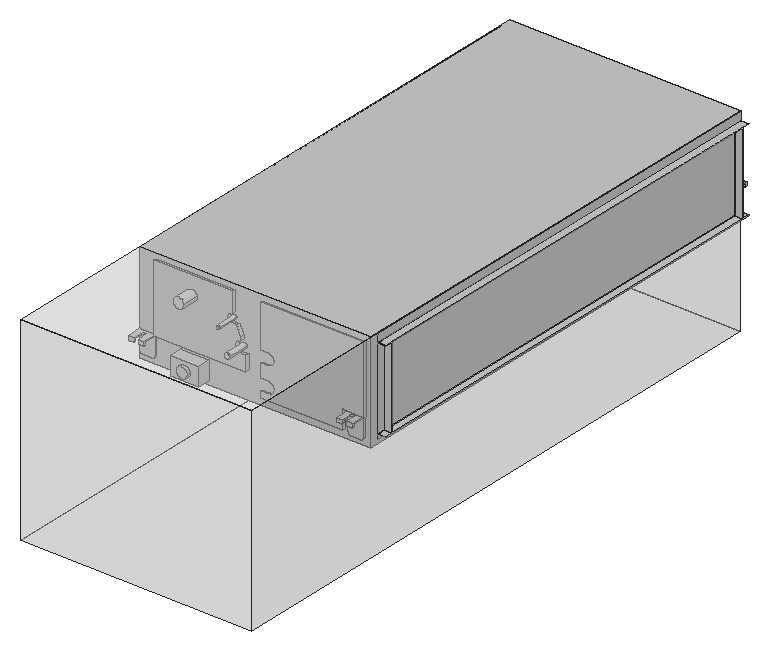
Revit family "outputfile", category 機械設備, Revit 2024
Family settings
  丸型コネクタ寸法 = 半径を使用
  パーツ タイプ = 標準
  OmniClass 番号 = 23.75.10.24.21.27.27
  OmniClass タイトル = Split System Air Conditioning Units
  作業面ベース = いいえ
  常に垂直 = はい
  ロード時にボイドで切り取り = いいえ
  注釈の向きを維持 = いいえ
  共有 = いいえ
  部屋計算ポイント = はい
Parameters (values of type "FXMQ140PBV1")
  製造元 = "Daikin"
  書き出し IFC クラス(タイプ) = "IfcUnitaryEquipmentType"
  定義済み IFC タイプ(タイプ) = "AIRCONDITIONINGUNIT"
  モデル = "FXMQ140PBV1"
  r_Liquid Pipe Size = Liquid Pipe Size / 2  # 4.75 mm
  r_Gas Pipe Size = Gas Pipe Size / 2  # 7.95 mm
  r_Drain Pipe Size = Drain Pipe Size / 2  # 16.0 mm
  lw_power = 396.0 mm  # constant formula
  lh_SA = 165.0 mm  # constant formula
  lw_SA = if(Depth = 550.0 mm, 210.0 mm, if(Depth = 700.0 mm, 285.0 mm, if(Depth = 1000.0 mm, 435.0 mm, 635.0 mm)))  # 635.0 mm
  lw_RA = if(Depth = 550.0 mm, 288.0 mm, if(Depth = 700.0 mm, 363.0 mm, if(Depth = 1000.0 mm, 513.0 mm, 713.0 mm)))  # 713.0 mm
  lh_power = 60.0 mm + [h***]  # 60.0 mm
  lh_mountinghole1 = lh_mountinghole + [h***]  # 80.0 mm
  lh_RA = 150.0 mm  # constant formula
  ld_power = Depth / 2  # 700.0 mm
  Voltage_comment_60Hz = "220-240"
  Voltage_comment_50Hz = "220-240"
  Voltage_60Hz = 220 V
  Voltage_50Hz = 220 V
  Supply Air Direction [instance] = yes
  Phase_60Hz = 1
  Phase_50Hz = 1
  Minimum External Static Pressure = 50.00 Pa
  Minimum Circuit Amps_60Hz = 3.4 A
  Minimum Circuit Amps_50Hz = 3.4 A
  Maximum Fuse Amps_60Hz = 16.0 A
  Maximum Fuse Amps_50Hz = 16.0 A
  Maximum External Static Pressure = 140.00 Pa
  Material_Casing = DAIKIN_GalvanizedSteel_Casing_indoorunit
  lw_mountinghole = 631.0 mm  # constant formula
  lh_gaspipe = 144.0 mm + [h***]  # 144.0 mm
  lh_mountinghole = 80.0 mm  # constant formula
  lh_liquidpipe = 212.0 mm + [h***]  # 212.0 mm
  lh_drainpipe = 232.0 mm + [h***]  # 232.0 mm
  lh_antena = Height - lh_mountinghole + 1.0 mm  # 221.0 mm
  ld_drainpipe = Depth / 2 + 59.0 mm  # 759.0 mm
  ld_liquidpipe = 765.0 mm
  ld_gaspipe = 765.0 mm
  ld_mountinghole = Depth + 38.0 mm  # 1438.0 mm
  h*** = 0.0 mm  # constant formula
  lw_liquidpipe = 290.0 mm  # constant formula
  lw_gaspipe = 318.0 mm  # constant formula
  lw_drainpipe = 167.0 mm  # constant formula
  Width = 700.0 mm
  Version = "ver.1.0"
  Unit Type = "Duct_M.S.P."
  Unit Mass Weight = 46.00 kg
  Unit Designation [instance] = ""
  Uniclass2015Version = "Products v1.30"
  Uniclass2015Title = "Variable refrigerant flow units"
  Uniclass2015Code = "Pr_70_65_03_94"
  Total Heating Capacity [instance] = 0.000 kW
  Total Cooling Capacity [instance] = 0.000 kW
  Sound Pressure Level_L speed (dBA) = 43
  Sound Pressure Level_H speed (dBA) = 45
  Series = "VRV Fan Coil Unit"
  Sensible Cooling Capacity [instance] = 0.000 kW
  SA Duct Size Width = if(Depth = 550.0 mm, 310.0 mm, if(Depth = 700.0 mm, 460.0 mm, if(Depth = 1000.0 mm, 760.0 mm, 1160.0 mm)))  # 1160.0 mm
  SA Duct Size Height = 215.0 mm
  Refrigerant Type = "R410A"
  RA Duct Size Width = if(Depth = 550.0 mm, 475.0 mm, if(Depth = 700.0 mm, 625.0 mm, if(Depth = 1000.0 mm, 925.0 mm, 1325.0 mm)))  # 1325.0 mm
  RA Duct Size Height = 247.0 mm
  Power Input (Heating) = 0.380 kW
  Power Input (Cooling) = 0.405 kW
  Option Accessory 3 [instance] = ""
  Option Accessory 2 [instance] = ""
  Option Accessory 1 [instance] = ""
  Nominal Heating Capacity = 18.000 kW
  Nominal Cooling Capacity = 16.000 kW
  Minimum Airflow = 1920.00 m³/h
  Median Airflow = 0.00 m³/h
  Maximum Airflow = 2340.00 m³/h
  Load Classification = HVAC
  Liquid Pipe Size = 9.5 mm
  Link_Nested Family [instance] = ""
  IfcVersion = ""
  IfcExportType = "AIRCONDITIONINGUNIT"
  IfcExportAs = "IfcUnitaryEquipmentType"
  Height = 300.0 mm
  Heating Entering Wet Bulb Temperature [instance] = 0.00 °C
  Heating Entering Dry Bulb Temperature [instance] = 0.00 °C
  Heating Ambient Wet Bulb Temperature [instance] = 0.00 °C
  Heating Ambient Dry Bulb Temperature [instance] = 0.00 °C
  Heat Exchanger Type = "Cross Fin Coil"
  Gas Pipe Size = 15.9 mm
  Frequency_60Hz = 60 Hz
  Frequency_50Hz = 50 Hz
  Fan Type = "Sirocco Fan"
  Fan Drive = "Direct Drive"
  FCU Tag No. [instance] = ""
  Drain Pipe Size = 32.0 mm
  Design Supply Airflow [instance] = 0.00 m³/h
  Design Return Airflow [instance] = 0.00 m³/h
  Design External Static Pressure [instance] = 0.00 Pa
  Depth = 1400.0 mm
  既定の高さ = 0.0 mm
  Cooling Entering Wet Bulb Temperature [instance] = 0.00 °C
  Cooling Entering Dry Bulb Temperature [instance] = 0.00 °C
  Cooling Ambient Wet Bulb Temperature [instance] = 0.00 °C
  Cooling Ambient Dry Bulb Temperature [instance] = 0.00 °C
  Clearance visibility [instance] = yes
  Clearance Top = 0.0 mm
  Clearance Right = 0.0 mm
  Clearance Rear = 0.0 mm
  Clearance Left = 0.0 mm
  Clearance Front = 450.0 mm
  Clearance Bottom = 300.0 mm
Reference planes
  plane 1 "Center (Front/Back)": y = 0
  plane 2 "h": z = 0
  plane 3 "Center (Left/Right)": x = 0
  plane 4 "Back": y = 700
  plane 5 "Front": y = -700
  plane 6 "Left": x = -350
  plane 7 "Reight": x = 350
  plane 8 "Top": z = 0
  plane 9 "Bottom": z = -300
  plane 10: y = -215
  plane 11: y = 700
  plane 12: y = -1150
  plane 13: x = -350
  plane 14: x = 350
  plane 15: z = 0
  plane 16: z = -600
  plane 17: x = -350
  plane 18: z = -135
  plane 19: x = -349
  plane 20: x = 349
  plane 21: y = 65
  plane 22: y = 13
  plane 23: z = -150
  plane 24: y = -710.8
  plane 25: z = -14
  plane 26: z = -219
  plane 27: x = -60
  plane 28: x = -20
  plane 29: z = -156
  plane 30: x = -32
  plane 31: z = -88
  plane 32: x = 23
  plane 33: x = 335
  plane 34: z = -15.8
  plane 35: z = -274.8
  plane 36: z = -219.8
  plane 37: x = 271
  plane 38: x = -223.3
  plane 39: x = -138.3
  plane 40: z = -232.7
  plane 41: z = -288.5
  plane 42: y = -741
  plane 43: x = -181
  plane 44: z = -260
  plane 45: y = -749
  plane 46: z = -163.8
  plane 47: z = -239.8
  plane 48: x = 46
  plane 49: z = -88
  plane 50: x = -60
  plane 51: y = -765
  plane 52: z = -156
  plane 53: x = -32
  plane 54: y = -759
  plane 55: z = -68
  plane 56: x = -183
  plane 57: x = -183
  plane 58: x = -60
  plane 59: x = -32
  plane 60: x = 46
  plane 61: x = -323
  plane 62: x = 308
  plane 63: y = -719
  plane 64: y = 719
  plane 65: z = -220
  plane 66: y = -706
  plane 67: x = -298.5
  plane 68: x = -374
  plane 69: x = 374
Forms (mm)
  Extrusion 1, solid, material "DAIKIN_GalvanizedSteel_Casing_indoorunit" <- "Material_Casing"
    sketch origin (0, 0, 0) x (1, 0, 0) y (0, 1, 0)
      loop
        line (-349, 700) -> (-349, -700) -> (349, -700) -> (349, 700) -> (-349, 700)
    from -300 to 0
  Extrusion 2, solid, material "DAIKIN_GalvanizedSteel_Casing_indoorunit" <- "Material_Casing"
    sketch origin (0, 0, 0) x (1, 0, 0) y (0, 0, 1)
      loop
        line (-298.5, -219) -> (-20, -219) -> (-20, -173.5) -> (-32, -173.5)
        arc (-32, -173.5) -> (-49.471, -157.002) -> (-34, -138.615) r 17.5
        line (-34, -138.615) -> (-34, -127.5) -> (-47, -101) -> (-60, -101)
        arc (-60, -101) -> (-73, -88) -> (-60, -75) r 13
        line (-60, -75) -> (-60, -14) -> (-298.5, -14) -> (-298.5, -219)
    from 700 to 710.8
  Extrusion 3, solid, material "DAIKIN_GalvanizedSteel_Casing_indoorunit" <- "Material_Casing"
    sketch origin (0, 0, 0) x (1, 0, 0) y (0, 0, 1)
      loop
        line (23, -274.8) -> (271, -274.8) -> (271, -219.8) -> (335, -219.8) -> (335, -15.8) -> (23, -15.8) -> (23, -146.3) -> (46, -146.3)
        arc (46, -146.3) -> (63.5, -163.8) -> (46, -181.3) r 17.5
        line (46, -181.3) -> (23, -181.3) -> (23, -222.3) -> (46, -222.3)
        arc (46, -222.3) -> (63.5, -239.8) -> (46, -257.3) r 17.5
        line (46, -257.3) -> (23, -257.3) -> (23, -274.8)
    from 700 to 706
  Extrusion 4, solid, material "DAIKIN_GalvanizedSteel_Casing_indoorunit" <- "Material_Casing"
    sketch origin (0, 0, 0) x (1, 0, 0) y (0, 0, 1)
      loop
        line (-223.3, -232.7) -> (-223.3, -288.5) -> (-138.3, -288.5) -> (-138.3, -232.7) -> (-223.3, -232.7)
    from 700 to 741
  Extrusion 5, solid, material "DAIKIN_GalvanizedSteel_Casing_indoorunit" <- "Material_Casing"
    sketch origin (0, 0, 0) x (1, 0, 0) y (0, 0, 1)
      loop
        circle (-181, -260) r 16.5
    from 741 to 749
  Extrusion 6, solid
    sketch origin (0, 0, 0) x (1, 0, 0) y (0, 0, 1)
      loop
        circle (-60, -88) r 4.75
    from 700 to 765
  Extrusion 7, solid
    sketch origin (0, 0, 0) x (1, 0, 0) y (0, 0, 1)
      loop
        circle (-32, -156) r 7.95
    from 700 to 765
  Extrusion 8, solid
    sketch origin (0, 0, 0) x (1, 0, 0) y (0, 0, 1)
      loop
        circle (-183, -68) r 16
    from 710.8 to 759
Dimensions and locks
  "Height": plane 8 "Top" to plane 9 "Bottom"
  equal spacing: plane 4 "Back", plane 1 "Center (Front/Back)", plane 5 "Front"
  "Depth": plane 4 "Back" to plane 5 "Front"
  equal spacing: plane 6 "Left", plane 3 "Center (Left/Right)", plane 7 "Reight"
  "Width": plane 6 "Left" to plane 7 "Reight"
  "Clearance Left": plane 13 to plane 6 "Left"
  "Clearance Right": plane 7 "Reight" to plane 14
  "Clearance Rear": plane 11 to plane 4 "Back"
  "Clearance Front": plane 5 "Front" to plane 12
  "Clearance Top": plane 15 to plane 8 "Top"
  "Clearance Bottom": plane 9 "Bottom" to plane 16
  "lh_SA": plane 18 to plane 9 "Bottom"
  locked: plane 17 to plane 19 at 1
  "lw_SA": plane 4 "Back" to plane 21
  "lw_RA": plane 22 to plane 5 "Front"
  "lh_RA": plane 23 to plane 9 "Bottom"
  locked: plane 5 "Front" to plane 24 at 10.8
  plane 30 to plane 27 to plane 6 "Left" = 28.0 mm locked, 290.0 mm locked
  plane 33 to plane 32 to plane 6 "Left" = 312.0 mm locked, 373.0 mm locked
  locked: plane 33 to plane 37 at 64
  locked: plane 36 to plane 35 at 55
  plane 39 to plane 38 to plane 6 "Left" = 85.0 mm locked, 126.7 mm locked
  locked: plane 5 "Front" to plane 42 at 41
  locked: plane 43 to plane 6 "Left" at 169
  locked: plane 42 to plane 45 at 8
  plane 46 to plane 47 to plane 35 = 76.0 mm locked, 35.0 mm locked
  locked: plane 48 to plane 32 at 23
  "lw_liquidpipe": plane 50 to plane 6 "Left"
  "lh_liquidpipe": plane 49 to plane 9 "Bottom"
  "lh_gaspipe": plane 52 to plane 9 "Bottom"
  "lw_gaspipe": plane 53 to plane 6 "Left"
  "ld_gaspipe": plane 51 to plane 1 "Center (Front/Back)"
  "ld_drainpipe": plane 54 to plane 1 "Center (Front/Back)"
  "lh_drainpipe": plane 55 to plane 9 "Bottom"
  "lw_drainpipe": plane 56 to plane 6 "Left"
  "lw_drainpipe": plane 6 "Left" to plane 57
  "lw_liquidpipe": plane 6 "Left" to plane 58
  "lw_gaspipe": plane 6 "Left" to plane 59
  "lw_power": plane 6 "Left" to plane 60
  plane 17 to plane 61 = 27.0 mm
  "lw_mountinghole": plane 61 to plane 62
  equal spacing: plane 63, plane 1 "Center (Front/Back)", plane 64
  "ld_mountinghole": plane 64 to plane 63
  "lh_mountinghole": plane 65 to plane 9 "Bottom"
  plane 8 "Top" to plane 40 to plane 41 = 232.7 mm locked, 55.8 mm locked
  locked: plane 8 "Top" to plane 44 at 260
  plane 8 "Top" to plane 25 to plane 26 = 14.0 mm locked, 205.0 mm locked
  plane 8 "Top" to plane 31 to plane 29 = 88.0 mm locked, 68.0 mm locked
  plane 8 "Top" to plane 34 to plane 35 = 15.8 mm locked, 259.0 mm locked
  locked: plane 5 "Front" to plane 66 at 6
  locked: plane 68 to plane 6 "Left" at 24
  locked: plane 7 "Reight" to plane 69 at 24
  locked: plane 67 to plane 13 at 51.5
  locked: plane 28 to plane 30 at 12
  locked: Extrusion 2 sketch curve to plane 27 at 26
  plane 5 "Front" to plane 51 = 65.0 mm
  plane 5 "Front" to plane 54 = 59.0 mm
  locked: plane 20 to plane 7 "Reight" at 1
  "r_Liquid Pipe Size": radius of Extrusion 6 sketch curve
  "r_Gas Pipe Size": radius of Extrusion 7 sketch curve
  "r_Drain Pipe Size": radius of Extrusion 8 sketch curve
  aligned and locked: level to plane 2 "h"
  aligned and locked: plane 8 "Top" to Extrusion 1
  aligned and locked: Extrusion 1 to plane 9 "Bottom"
  aligned and locked: nested 5 to plane 12
  aligned and locked: plane 13 to nested 5
  aligned and locked: plane 14 to nested 5
  aligned and locked: nested 5 to plane 13
  aligned and locked: plane 11 to nested 5
  aligned and locked: plane 15 to nested 5
  aligned and locked: plane 16 to nested 5
  aligned and locked: plane 5 "Front" to Extrusion 1 sketch curve
  aligned and locked: Extrusion 1 to plane 19
  aligned and locked: plane 20 to Extrusion 1
  aligned and locked: nested 7 to plane 19
  aligned and locked: nested 7 to plane 21
  aligned and locked: plane 18 to nested 7
  aligned and locked: plane 20 to nested 8
  aligned and locked: plane 22 to nested 8
  aligned and locked: plane 23 to nested 8
  aligned and locked: Extrusion 2 to plane 24
  aligned and locked: plane 5 "Front" to Extrusion 2
  aligned and locked: plane 35 to Extrusion 3 sketch curve
  aligned and locked: plane 37 to Extrusion 3 sketch curve
  aligned and locked: plane 36 to Extrusion 3 sketch curve
  aligned and locked: Extrusion 3 sketch curve to plane 33
  aligned and locked: Extrusion 3 sketch curve to plane 34
  aligned and locked: Extrusion 3 sketch curve to plane 32
  aligned and locked: plane 5 "Front" to Extrusion 3
  aligned and locked: Extrusion 4 sketch curve to plane 40
  aligned and locked: Extrusion 4 sketch curve to plane 38
  aligned and locked: plane 41 to Extrusion 4 sketch curve
  aligned and locked: plane 39 to Extrusion 4 sketch curve
  aligned and locked: Extrusion 4 to plane 42
  aligned and locked: plane 5 "Front" to Extrusion 4
  aligned and locked: Extrusion 5 sketch curve to plane 43
  aligned and locked: plane 44 to Extrusion 5 sketch curve
  aligned and locked: Extrusion 5 to plane 45
  aligned and locked: plane 42 to Extrusion 5
  aligned and locked: Extrusion 6 sketch curve to plane 50
  aligned and locked: plane 49 to Extrusion 6 sketch curve
  aligned and locked: Extrusion 6 to plane 51
  aligned and locked: plane 5 "Front" to Extrusion 6
  aligned and locked: Extrusion 7 sketch curve to plane 53
  aligned and locked: plane 52 to Extrusion 7 sketch curve
  aligned and locked: Extrusion 7 to Extrusion 6
  aligned and locked: plane 5 "Front" to Extrusion 7
  aligned and locked: Extrusion 8 sketch curve to plane 56
  aligned and locked: Extrusion 8 sketch curve to plane 55
  aligned and locked: Extrusion 8 to plane 54
  aligned and locked: plane 24 to Extrusion 8
  aligned and locked: nested 3 to plane 54
  aligned and locked: nested 3 to plane 57
  aligned and locked: nested 2 to plane 58
  aligned and locked: nested 2 to plane 51
  aligned and locked: nested 1 to plane 59
  aligned and locked: Extrusion 7 to plane 51
  aligned and locked: nested 1 to plane 51
  aligned and locked: nested 6 to plane 5 "Front"
  aligned and locked: nested 6 to plane 60
  aligned and locked: plane 61 to nested 10
  aligned and locked: nested 10 to plane 5 "Front"
  aligned and locked: plane 62 to nested 9
  aligned and locked: nested 9 to plane 5 "Front"
  aligned and locked: nested 11 to plane 61
  aligned and locked: plane 4 "Back" to nested 11
  aligned and locked: nested 12 to plane 62
  aligned and locked: plane 4 "Back" to nested 12
  aligned and locked: plane 65 to nested 10
  aligned and locked: plane 65 to nested 11
  aligned and locked: plane 65 to nested 9
  aligned and locked: plane 65 to nested 12
  aligned and locked: plane 61 to nested 14
  aligned and locked: nested 14 to plane 64
  aligned and locked: plane 62 to nested 13
  aligned and locked: nested 13 to plane 64
  aligned and locked: plane 62 to nested 16
  aligned and locked: plane 63 to nested 16
  aligned and locked: plane 63 to nested 15
  aligned and locked: plane 61 to nested 15
  aligned and locked: Extrusion 3 to plane 66
  aligned and locked: plane 67 to Extrusion 2 sketch curve
  aligned and locked: nested 17 to plane 21
  aligned and locked: nested 17 to plane 68
  aligned and locked: plane 18 to nested 17
  aligned and locked: plane 22 to nested 18
  aligned and locked: plane 69 to nested 18
  aligned and locked: nested 18 to plane 23
  aligned and locked: nested 4 to plane 3 "Center (Left/Right)"
  aligned and locked: plane 1 "Center (Front/Back)" to nested 4
  aligned and locked: level to plane 8 "Top"
  aligned and locked: Extrusion 2 sketch curve to plane 28
  aligned and locked: Extrusion 2 sketch curve to plane 26
Automatic sketch dimensions
  plane 6 "Left" to Extrusion 1 sketch curve = 1.0 mm
  Extrusion 1 sketch curve to plane 7 "Reight" = 1.0 mm
  Extrusion 1 sketch curve to plane 4 "Back" = 0.0 mm
  Extrusion 3 sketch curve to plane 32 = 0.0 mm  (x2)
  Extrusion 3 sketch curve to plane 46 = 0.0 mm
  Extrusion 3 sketch curve to plane 48 = 0.0 mm  (x2)
  Extrusion 3 sketch curve to plane 47 = 0.0 mm
  Extrusion 3 sketch curve to plane 36 = 2.5 mm
  plane 23 to Extrusion 3 sketch curve = 3.7 mm
  Extrusion 2 sketch curve to plane 25 = 0.0 mm
  plane 27 to Extrusion 2 sketch curve = 0.0 mm
  Extrusion 2 sketch curve to plane 30 = 0.0 mm
  Extrusion 2 sketch curve to plane 29 = 0.0 mm
  Extrusion 2 sketch curve to plane 31 = 0.0 mm
  Extrusion 2 sketch curve to Extrusion 2 sketch curve = 13.0 mm
  Extrusion 2 sketch curve to plane 29 = 17.5 mm
  Extrusion 2 sketch curve to plane 31 = 13.0 mm
  plane 18 to Extrusion 2 sketch curve = 7.5 mm
  radius of Extrusion 5 sketch curve = 16.5 mm
Nested families
  nested 1: "daikin_connector_rotate2" at (-32, 0, -156), length <- "ld_gaspipe", built-in parameter 1001364 <- "lh_gaspipe", radius <- "r_Gas Pipe Size", type "daikin_connector_rotate2"
    with radius 7.95 mm, length 765.0 mm, angle_vertical 90.00°
  nested 2: "daikin_connector_rotate2" at (-60, 0, -88), length <- "ld_liquidpipe", built-in parameter 1001364 <- "lh_liquidpipe", radius <- "r_Liquid Pipe Size", type "daikin_connector_rotate2"
    with radius 4.75 mm, length 765.0 mm, angle_vertical 90.00°
  nested 3: "daikin_connector_rotate2" at (-183, 0, -68), length <- "ld_drainpipe", built-in parameter 1001364 <- "lh_drainpipe", radius <- "r_Drain Pipe Size", type "daikin_connector_rotate2"
    with radius 16.0 mm, length 759.0 mm, angle_vertical 90.00°
  nested 4: "daikin_△_symbolicline" at (0, 0, 300) x (0, -1, 0) z (0, 0, 1), built-in parameter 1001364 <- "Height", visible <- "Supply Air Direction", type "daikin_△_symbolicline"
    with length 200.0 mm
  nested 5: "daikin_clearancespace" at (0, -225, -299.881), visible <- "Clearance visibility", show <- "Clearance visibility", Link_Nested Family <- "Link_Nested Family", type "daikin_clearancespace"
    with width 700.0 mm, show yes, height 600.0 mm, depth 1850.0 mm, Link_Nested Family ""
  nested 6: "daikin_connector_rotate2" at (46, 0, -240), built-in parameter 1001364 <- "lh_power", length <- "ld_power", type "daikin_connector_rotate2"
    with radius 10.0 mm, length 700.0 mm, angle_vertical 90.00°
  nested 7: "daikin_ductflange_FXMQ-PBV1_2" at (-349, 65, -135) x (0, -1, 0) z (0, 0, 1), type "daikin_ductflange_FXMQ-PBV1_2"
    with width 1160.0 mm, w 1400.0 mm
  nested 8: "daikin_ductflange_FXMQ-PBV1_1" at (349, 13, -150) x (0, 1, 0) z (0, 0, 1), type "daikin_ductflange_FXMQ-PBV1_1"
    with width 1325.0 mm, w 1400.0 mm
  nested 9: "daikin_hangerfixture_FXMQ-PBV1" at (308, -700, -220), type "daikin_hangerfixture_FXMQ-PBV1"
  nested 10: "daikin_hangerfixture_FXMQ-PBV1" at (-323, -700, -220), type "daikin_hangerfixture_FXMQ-PBV1"
  nested 11: "daikin_hangerfixture_FXMQ-PBV1" at (-323, 700, -220) x (-1, 0, 0) z (0, 0, 1), type "daikin_hangerfixture_FXMQ-PBV1"
  nested 12: "daikin_hangerfixture_FXMQ-PBV1" at (308, 700, -220) x (-1, 0, 0) z (0, 0, 1), type "daikin_hangerfixture_FXMQ-PBV1"
  nested 13: "daikin_mountinghole" at (308, 719, -300), h_mountinghole <- "lh_mountinghole1", l_antenna <- "lh_antena", Link_Nested Family <- "Link_Nested Family", type "daikin_mountinghole"
    with show yes, l_antenna 221.0 mm, h_mountinghole 80.0 mm, Link_Nested Family ""
  nested 14: "daikin_mountinghole" at (-323, 719, -300), h_mountinghole <- "lh_mountinghole1", l_antenna <- "lh_antena", Link_Nested Family <- "Link_Nested Family", type "daikin_mountinghole"
    with show yes, l_antenna 221.0 mm, h_mountinghole 80.0 mm, Link_Nested Family ""
  nested 15: "daikin_mountinghole" at (-323, -719, -300), h_mountinghole <- "lh_mountinghole1", l_antenna <- "lh_antena", Link_Nested Family <- "Link_Nested Family", type "daikin_mountinghole"
    with show yes, l_antenna 221.0 mm, h_mountinghole 80.0 mm, Link_Nested Family ""
  nested 16: "daikin_mountinghole" at (308, -719, -300), h_mountinghole <- "lh_mountinghole1", l_antenna <- "lh_antena", Link_Nested Family <- "Link_Nested Family", type "daikin_mountinghole"
    with show yes, l_antenna 221.0 mm, h_mountinghole 80.0 mm, Link_Nested Family ""
  nested 17: "daikin_connector_rotate2" at (-350, 65, -135) x (0, -1, 0) z (0, 0, 1), type "daikin_connector_rotate2"
    with radius 10.0 mm, length 24.0 mm, angle_vertical 90.00°
  nested 18: "daikin_connector_rotate2" at (350, 13, -150) x (0, 1, 0) z (0, 0, 1), type "daikin_connector_rotate2"
    with radius 10.0 mm, length 24.0 mm, angle_vertical 90.00°
Connectors
  piping at (-183, -759, -68), diameter 32, driven by "r_Drain Pipe Size"
    settings: on nested 3, index 3, connector inside diameter 609.6 mm, connector length 0.0 mm, flow factor 0, pipe flow 0.00 m³/h, pressure drop 0.0 Pa, fitting loss kfactor 0, connector angle 0.00°, fixture units 0, engagement length 0.0 mm, angle of deflection 0.00°, flow configuration 1, flow direction 2, fitting loss method 4, system type 16, joint type 0, gender type 0, connector reference index -1, connector utility 0, adjustable connector no, is connector primary yes, connector description "Condensate Drain Piping"
  piping at (-32, -765, -156), diameter 15.9, driven by "r_Gas Pipe Size"
    settings: on nested 1, index 4, connector inside diameter 609.6 mm, connector length 0.0 mm, flow factor 0, pipe flow 0.00 m³/h, pressure drop 0.0 Pa, fitting loss kfactor 0, connector angle 0.00°, fixture units 0, engagement length 0.0 mm, angle of deflection 0.00°, flow configuration 1, flow direction 2, fitting loss method 0, system type 29, joint type 0, gender type 0, connector reference index -1, connector utility 0, adjustable connector no, is connector primary no, connector description "Refrigerant Gas Piping"
  piping at (-60, -765, -88), diameter 9.5, driven by "r_Liquid Pipe Size"
    settings: on nested 2, index 5, connector inside diameter 609.6 mm, connector length 0.0 mm, flow factor 0, pipe flow 0.00 m³/h, pressure drop 0.0 Pa, fitting loss kfactor 0, connector angle 0.00°, fixture units 0, engagement length 0.0 mm, angle of deflection 0.00°, flow configuration 1, flow direction 1, fitting loss method 0, system type 29, joint type 0, gender type 0, connector reference index -1, connector utility 0, adjustable connector no, is connector primary no, connector description "Refrigerant Liquid Piping"
  electrical at (46, -700, -240), driven by "Load Classification"
    settings: on nested 6, index 6, voltage 0 V, apparent load 0 VA, apparent load phase1 0 VA, apparent load phase2 0 VA, apparent load phase3 0 VA, power factor 1, load classification "HVAC", number of poles 1, system type 30, power factor state 1, is connector primary yes, connector utility no, sub classification motor no, connector description "Power Supply"
  hvac at (-374, 65, -135), driven by "SA Duct Size Height", driven by "SA Duct Size Width"
    settings: on nested 17, index 7, duct flow 0.00 m³/h, flow factor 0, pres drop 0.00 Pa, loss coef 0, conn angle 0.00°, conn width 1160.0 mm, conn height 215.0 mm, conn diameter 609.6 mm, duct sys type 1, conn prof type 1, flow config 0, flow direction 2, loss method 4, conn ref index -1, conn util no, is conn primary yes, conn desc "SA Duct"
  hvac at (374, 13, -150), driven by "RA Duct Size Height", driven by "RA Duct Size Width"
    settings: on nested 18, index 8, duct flow 0.00 m³/h, flow factor 0, pres drop 0.00 Pa, loss coef 0, conn angle 0.00°, conn width 1325.0 mm, conn height 247.0 mm, conn diameter 609.6 mm, duct sys type 2, conn prof type 1, flow config 0, flow direction 1, loss method 4, conn ref index -1, conn util no, is conn primary no, conn desc "RA Duct"
Definition of nested family "daikin_clearancespace"
  Parameters (values of type "daikin_clearancespace")
    Description = "daikin_clearancespace"
    width [instance] = 1823.963 mm
    show [instance] = yes
    material = none
    height [instance] = 1359.762 mm
    depth [instance] = 880.0 mm
    Default Elevation = 0.0 mm
    Link_Nested Family [instance] = ""
  Reference planes
    plane 1 "Center (Front/Back)": y = 0
    plane 2 "Center (Elevation)": z = -0.119
    plane 3 "Center (Left/Right)": x = 0
    plane 4: y = 440
    plane 5: y = -440
    plane 6 "Right": x = 911.982
    plane 7 "Left": x = -911.982
    plane 8 "Top": z = 679.762
    plane 9 "Bottom": z = -680
  Forms (mm)
    Extrusion 1, solid, material <- "material", visible <- "show"
      sketch origin (0, 0, 0) x (1, 0, 0) y (0, 1, 0)
        loop
          line (-911.982, 440) -> (-911.982, -440) -> (911.982, -440) -> (911.982, 440) -> (-911.982, 440)
      from -680 to 679.762
  Lines and regions (mm)
    symbolic lines, visible <- "show"
      curve 1: line (911.982, 440, 0) -> (-911.982, 440, 0)
      curve 2: line (-911.982, 440, 0) -> (-911.982, -440, 0)
      curve 3: line (-911.982, -440, 0) -> (911.982, -440, 0)
      curve 4: line (911.982, -440, 0) -> (911.982, 440, 0)
      curve 5: line (911.982, 0, 679.762) -> (-911.982, 0, 679.762)
      curve 6: line (911.982, 0, -680) -> (911.982, 0, 679.762)
      curve 7: line (-911.982, 0, -680) -> (911.982, 0, -680)
      curve 8: line (-911.982, 0, 679.762) -> (-911.982, 0, -680)
      curve 9: line (0, 440, 679.762) -> (0, -440, 679.762)
      curve 10: line (0, -440, 679.762) -> (0, -440, -680)
      curve 11: line (0, 440, -680) -> (0, 440, 679.762)
      curve 12: line (0, -440, -680) -> (0, 440, -680)
  Dimensions and locks
    "width": plane 7 "Left" to plane 6 "Right"
    "depth": plane 4 to plane 5
    "height": plane 8 "Top" to plane 9 "Bottom"
    equal spacing: plane 7 "Left", plane 3 "Center (Left/Right)", plane 6 "Right"
    equal spacing: plane 4, plane 1 "Center (Front/Back)", plane 5
    equal spacing: plane 8 "Top", plane 2 "Center (Elevation)", plane 9 "Bottom"
    aligned and locked: level to plane 2 "Center (Elevation)"
    aligned and locked: Extrusion 1 sketch curve to plane 4
    aligned and locked: plane 7 "Left" to Extrusion 1 sketch curve
    aligned and locked: Extrusion 1 sketch curve to plane 5
    aligned and locked: Extrusion 1 sketch curve to plane 6 "Right"
    aligned and locked: plane 8 "Top" to Extrusion 1
    aligned and locked: curve 1 to Extrusion 1
    aligned and locked: curve 2 to Extrusion 1
    aligned and locked: curve 3 to Extrusion 1
    aligned and locked: curve 4 to Extrusion 1
    aligned and locked: curve 5 to Extrusion 1
    aligned and locked: curve 6 to Extrusion 1
    aligned and locked: curve 7 to Extrusion 1
    aligned and locked: curve 8 to Extrusion 1
    aligned and locked: curve 9 to Extrusion 1
    aligned and locked: curve 10 to Extrusion 1
    aligned and locked: curve 11 to Extrusion 1
    aligned and locked: curve 12 to Extrusion 1
    aligned and locked: Extrusion 1 to plane 9 "Bottom"
Definition of nested family "daikin_ductflange_FXMQ-PBV1_2"
  Parameters (values of type "daikin_ductflange_FXDSQ-AVM2")
    width = if(w = 550.0 mm, 310.0 mm, if(w = 700.0 mm, 460.0 mm, if(w = 1000.0 mm, 760.0 mm, 1160.0 mm)))  # 310.0 mm
    material = none
    height = 215.0 mm
    depth = 1.0 mm
    w = 550.0 mm
    Default Elevation = 0.0 mm
  Reference planes
    plane 1 "Center (Front/Back)": y = 0
    plane 2: z = 0
    plane 3 "Center (Left/Right)": x = 0
    plane 4: z = 107.5
    plane 5: z = -107.5
    plane 6: y = -25
    plane 7: z = 132.5
    plane 8: z = 108.5
    plane 9: y = -1
    plane 10: x = -177.5
    plane 11: x = 177.5
    plane 12: z = -132.5
    plane 13: z = -108.5
    plane 14: y = -1
    plane 15: x = 155
    plane 16: x = -155
    plane 17: x = 156
    plane 18: z = 106.5
    plane 19: z = -106.5
    plane 20: x = -156
    plane 21: z = 106.5
    plane 22: z = -106.5
    plane 23: y = -1
  Forms (mm)
    Extrusion 1, solid, material <- "material"
      sketch origin (0, 0, 0) x (0, 1, 0) y (0, 0, 1)
        loop
          line (-25, 107.5) -> (0, 107.5) -> (0, 132.5) -> (-1, 132.5) -> (-1, 108.5) -> (-25, 108.5) -> (-25, 107.5)
      from -177.5 to 177.5
    Extrusion 2, solid, material <- "material"
      sketch origin (0, 0, 0) x (0, 1, 0) y (0, 0, 1)
        loop
          line (-25, -107.5) -> (-25, -108.5) -> (-1, -108.5) -> (-1, -132.5) -> (0, -132.5) -> (0, -107.5) -> (-25, -107.5)
      from -177.5 to 177.5
    Extrusion 3, solid, material <- "material"
      sketch origin (0, 0, 0) x (1, 0, 0) y (0, 0, 1)
        loop
          line (155, 107.5) -> (155, -107.5) -> (177.5, -107.5) -> (177.5, -106.5) -> (156, -106.5) -> (156, 106.5) -> (177.5, 106.5) -> (177.5, 107.5) -> (155, 107.5)
      from 0 to 25
    Extrusion 4, solid, material <- "material"
      sketch origin (0, 0, 0) x (1, 0, 0) y (0, 0, 1)
        loop
          line (-177.5, 107.5) -> (-177.5, 106.5) -> (-156, 106.5) -> (-156, -106.5) -> (-177.5, -106.5) -> (-177.5, -107.5) -> (-155, -107.5) -> (-155, 107.5) -> (-177.5, 107.5)
      from 0 to 25
    Extrusion 5, solid, material <- "material"
      sketch origin (0, 0, 0) x (1, 0, 0) y (0, 0, 1)
        loop
          line (-177.5, 107.5) -> (-177.5, -107.5) -> (-155, -107.5) -> (-155, 107.5) -> (-177.5, 107.5)
        loop
          line (177.5, 107.5) -> (155, 107.5) -> (155, -107.5) -> (177.5, -107.5) -> (177.5, 107.5)
      from 0 to 1
  Cuts and joins
    joined: Extrusion 1, Extrusion 2, Extrusion 3, Extrusion 4, Extrusion 5
  Dimensions and locks
    plane 4 to level to plane 5 = 107.5 mm locked, 107.5 mm locked
    locked: plane 6 to plane 1 "Center (Front/Back)" at 25
    locked: plane 9 to plane 1 "Center (Front/Back)" at 1
    locked: plane 8 to plane 4 at 1
    locked: plane 11 to plane 15 at 22.5
    locked: plane 16 to plane 10 at 22.5
    locked: plane 17 to plane 15 at 1
    locked: plane 4 to plane 18 at 1
    locked: plane 19 to plane 5 at 1
    "width": plane 15 to plane 16
    plane 4 to plane 5 = 215.0 mm
    equal spacing: plane 15, plane 3 "Center (Left/Right)", plane 16
    locked: plane 16 to plane 20 at 1
    locked: plane 4 to plane 21 at 1
    locked: plane 22 to plane 5 at 1
    locked: plane 23 to plane 1 "Center (Front/Back)" at 1
    aligned and locked: level to plane 2
    aligned and locked: Extrusion 1 to plane 10
    aligned and locked: plane 11 to Extrusion 1
    aligned and locked: plane 5 to Extrusion 2
    aligned and locked: Extrusion 2 to plane 1 "Center (Front/Back)"
    aligned and locked: plane 15 to Extrusion 3 sketch curve
    aligned and locked: Extrusion 3 sketch curve to Extrusion 2  (x2)
    aligned and locked: Extrusion 3 sketch curve to plane 11
    aligned and locked: plane 6 to Extrusion 3
    aligned and locked: Extrusion 2 to plane 10
    aligned and locked: plane 11 to Extrusion 2
    aligned and locked: Extrusion 4 sketch curve to Extrusion 1  (x2)
    aligned and locked: plane 5 to Extrusion 4 sketch curve
    aligned and locked: Extrusion 4 sketch curve to plane 16
    aligned and locked: Extrusion 4 sketch curve to plane 22
    aligned and locked: plane 20 to Extrusion 4 sketch curve
    aligned and locked: plane 21 to Extrusion 4 sketch curve
    aligned and locked: Extrusion 4 to plane 1 "Center (Front/Back)"
    aligned and locked: plane 6 to Extrusion 4
    aligned and locked: Extrusion 5 sketch curve to Extrusion 1  (x4)
    aligned and locked: Extrusion 5 sketch curve to Extrusion 4  (x2)
    aligned and locked: Extrusion 5 sketch curve to Extrusion 3  (x2)
    aligned and locked: Extrusion 5 to plane 1 "Center (Front/Back)"
    aligned and locked: plane 23 to Extrusion 5
  Automatic sketch dimensions
    Extrusion 1 sketch curve to plane 6 = 0.0 mm
    Extrusion 1 sketch curve to plane 7 = 0.0 mm
    Extrusion 1 sketch curve to plane 9 = 0.0 mm
    Extrusion 1 sketch curve to plane 1 "Center (Front/Back)" = 0.0 mm
    Extrusion 1 sketch curve to plane 4 = 0.0 mm
    Extrusion 1 sketch curve to plane 8 = 0.0 mm
    Extrusion 2 sketch curve to plane 6 = 0.0 mm
    plane 12 to Extrusion 2 sketch curve = 0.0 mm
    Extrusion 2 sketch curve to plane 14 = 0.0 mm
    Extrusion 2 sketch curve to plane 1 "Center (Front/Back)" = 0.0 mm
    plane 13 to Extrusion 2 sketch curve = 0.0 mm
    Extrusion 2 sketch curve to plane 5 = 0.0 mm
    Extrusion 3 sketch curve to plane 17 = 0.0 mm
    Extrusion 3 sketch curve to plane 19 = 0.0 mm
    Extrusion 3 sketch curve to plane 18 = 0.0 mm
    Extrusion 3 sketch curve to plane 4 = 0.0 mm
    Extrusion 4 sketch curve to plane 10 = 0.0 mm
Definition of nested family "daikin_ductflange_FXMQ-PBV1_1"
  Parameters (values of type "daikin_ductflange_FXDSQ-AVM")
    width = if(w = 550.0 mm, 475.0 mm, if(w = 700.0 mm, 625.0 mm, if(w = 1000.0 mm, 925.0 mm, 1325.0 mm)))  # 475.0 mm
    material = none
    height = 247.0 mm
    depth = 1.0 mm
    w = 550.0 mm
    Default Elevation = 0.0 mm
  Reference planes
    plane 1 "Center (Front/Back)": y = 0
    plane 2: z = 0
    plane 3 "Center (Left/Right)": x = 0
    plane 4: z = 123.5
    plane 5: z = -123.5
    plane 6: y = -25
    plane 7: z = 146.5
    plane 8: z = 124.5
    plane 9: y = -1
    plane 10: x = -260
    plane 11: x = 260
    plane 12: z = -137
    plane 13: z = -124.5
    plane 14: y = -1
    plane 15: x = 237.5
    plane 16: x = -237.5
    plane 17: x = 238.5
    plane 18: z = 122.5
    plane 19: z = -122.5
    plane 20: x = -238.5
    plane 21: z = 122.5
    plane 22: z = -122.5
    plane 23: y = -1
  Forms (mm)
    Extrusion 1, solid, material <- "material"
      sketch origin (0, 0, 0) x (0, 1, 0) y (0, 0, 1)
        loop
          line (-25, 123.5) -> (0, 123.5) -> (0, 146.5) -> (-1, 146.5) -> (-1, 124.5) -> (-25, 124.5) -> (-25, 123.5)
      from -260 to 260
    Extrusion 2, solid, material <- "material"
      sketch origin (0, 0, 0) x (0, 1, 0) y (0, 0, 1)
        loop
          line (-25, -123.5) -> (-25, -124.5) -> (-1, -124.5) -> (-1, -137) -> (0, -137) -> (0, -123.5) -> (-25, -123.5)
      from -260 to 260
    Extrusion 3, solid, material <- "material"
      sketch origin (0, 0, 0) x (1, 0, 0) y (0, 0, 1)
        loop
          line (237.5, 123.5) -> (237.5, -123.5) -> (260, -123.5) -> (260, -122.5) -> (238.5, -122.5) -> (238.5, 122.5) -> (260, 122.5) -> (260, 123.5) -> (237.5, 123.5)
      from 0 to 25
    Extrusion 4, solid, material <- "material"
      sketch origin (0, 0, 0) x (1, 0, 0) y (0, 0, 1)
        loop
          line (-260, 123.5) -> (-260, 122.5) -> (-238.5, 122.5) -> (-238.5, -122.5) -> (-260, -122.5) -> (-260, -123.5) -> (-237.5, -123.5) -> (-237.5, 123.5) -> (-260, 123.5)
      from 0 to 25
    Extrusion 5, solid, material <- "material"
      sketch origin (0, 0, 0) x (1, 0, 0) y (0, 0, 1)
        loop
          line (-260, 123.5) -> (-260, -123.5) -> (-237.5, -123.5) -> (-237.5, 123.5) -> (-260, 123.5)
        loop
          line (260, 123.5) -> (237.5, 123.5) -> (237.5, -123.5) -> (260, -123.5) -> (260, 123.5)
      from 0 to 1
  Cuts and joins
    joined: Extrusion 1, Extrusion 2, Extrusion 3, Extrusion 4, Extrusion 5
  Dimensions and locks
    plane 4 to level to plane 5 = 123.5 mm, 123.5 mm
    locked: plane 6 to plane 1 "Center (Front/Back)" at 25
    locked: plane 9 to plane 1 "Center (Front/Back)" at 1
    locked: plane 8 to plane 4 at 1
    locked: plane 11 to plane 15 at 22.5
    locked: plane 16 to plane 10 at 22.5
    locked: plane 17 to plane 15 at 1
    locked: plane 4 to plane 18 at 1
    locked: plane 19 to plane 5 at 1
    "width": plane 15 to plane 16
    equal spacing: plane 15, plane 3 "Center (Left/Right)", plane 16
    locked: plane 16 to plane 20 at 1
    locked: plane 4 to plane 21 at 1
    locked: plane 22 to plane 5 at 1
    locked: plane 23 to plane 1 "Center (Front/Back)" at 1
    equal spacing: plane 4, level, plane 5
    locked: plane 7 to plane 4 at 23
    locked: plane 5 to plane 12 at 13.5
    locked: plane 1 "Center (Front/Back)" to plane 14 at 1
    locked: plane 5 to plane 13 at 1
    locked: plane 4 to plane 5 at 247
    aligned and locked: level to plane 2
    aligned and locked: Extrusion 1 to plane 10
    aligned and locked: plane 11 to Extrusion 1
    aligned and locked: plane 5 to Extrusion 2
    aligned and locked: Extrusion 2 to plane 1 "Center (Front/Back)"
    aligned and locked: plane 15 to Extrusion 3 sketch curve
    aligned and locked: Extrusion 3 sketch curve to Extrusion 2  (x2)
    aligned and locked: Extrusion 3 sketch curve to plane 11
    aligned and locked: plane 6 to Extrusion 3
    aligned and locked: Extrusion 2 to plane 10
    aligned and locked: plane 11 to Extrusion 2
    aligned and locked: Extrusion 4 sketch curve to Extrusion 1  (x2)
    aligned and locked: plane 5 to Extrusion 4 sketch curve
    aligned and locked: Extrusion 4 sketch curve to plane 16
    aligned and locked: Extrusion 4 sketch curve to plane 22
    aligned and locked: plane 20 to Extrusion 4 sketch curve
    aligned and locked: plane 21 to Extrusion 4 sketch curve
    aligned and locked: Extrusion 4 to plane 1 "Center (Front/Back)"
    aligned and locked: plane 6 to Extrusion 4
    aligned and locked: Extrusion 5 sketch curve to Extrusion 1  (x4)
    aligned and locked: Extrusion 5 sketch curve to Extrusion 4  (x2)
    aligned and locked: Extrusion 5 sketch curve to Extrusion 3  (x2)
    aligned and locked: Extrusion 5 to plane 1 "Center (Front/Back)"
    aligned and locked: plane 23 to Extrusion 5
  Automatic sketch dimensions
    Extrusion 1 sketch curve to plane 6 = 0.0 mm
    Extrusion 1 sketch curve to plane 7 = 0.0 mm
    Extrusion 1 sketch curve to plane 9 = 0.0 mm
    Extrusion 1 sketch curve to plane 1 "Center (Front/Back)" = 0.0 mm
    Extrusion 1 sketch curve to plane 4 = 0.0 mm
    Extrusion 1 sketch curve to plane 8 = 0.0 mm
    Extrusion 2 sketch curve to plane 6 = 0.0 mm
    plane 12 to Extrusion 2 sketch curve = 0.0 mm
    Extrusion 2 sketch curve to plane 14 = 0.0 mm
    Extrusion 2 sketch curve to plane 1 "Center (Front/Back)" = 0.0 mm
    plane 13 to Extrusion 2 sketch curve = 0.0 mm
    Extrusion 2 sketch curve to plane 5 = 0.0 mm
    Extrusion 3 sketch curve to plane 17 = 0.0 mm
    Extrusion 3 sketch curve to plane 19 = 0.0 mm
    Extrusion 3 sketch curve to plane 18 = 0.0 mm
    Extrusion 3 sketch curve to plane 4 = 0.0 mm
    Extrusion 4 sketch curve to plane 10 = 0.0 mm
Definition of nested family "daikin_hangerfixture_FXMQ-PBV1"
  Parameters (values of type "daikin_hangerfixture_FXMQ-PAVE")
    width = 48.0 mm
    material = none
    height = 65.0 mm
    depth = 45.0 mm
    Default Elevation = 0.0 mm
  Reference planes
    plane 1 "Center (Front/Back)": y = 0
    plane 2: z = 0
    plane 3 "Center (Left/Right)": x = 0
    plane 4: y = 417.146
    plane 5: y = -45
    plane 6: x = -24
    plane 7: x = 24
    plane 8: z = -2.3
    plane 9: z = -65
    plane 10: y = -2.3
    plane 11: z = -12
    plane 12: y = -42.7
  Forms (mm)
    Extrusion 1, solid, material <- "material"
      sketch origin (0, 0, 0) x (1, 0, 0) y (0, 1, 0)
        loop
          line (24, 0) -> (-24, 0) -> (-24, -45) -> (-6, -45) -> (-6, -19)
          arc (-6, -19) -> (0, -13) -> (6, -19) r 6
          line (6, -19) -> (6, -45) -> (24, -45) -> (24, 0)
      from 0 to -2.3
    Extrusion 2, solid, material <- "material"
      sketch origin (0, 0, 0) x (1, 0, 0) y (0, 0, 1)
        loop
          line (24, -55) -> (24, 0) -> (-24, 0) -> (-24, -55)
          arc (-24, -55) -> (-21.071, -62.071) -> (-14, -65) r 10
          line (-14, -65) -> (14, -65)
          arc (14, -65) -> (21.071, -62.071) -> (24, -55) r 10
      from 0 to 2.3
    Extrusion 3, solid, material <- "material"
      sketch origin (0, 0, 0) x (1, 0, 0) y (0, 0, 1)
        loop
          line (-6, -9) -> (-6, 0) -> (-24, 0) -> (-24, -9)
          arc (-24, -9) -> (-23.121, -11.121) -> (-21, -12) r 3
          line (-21, -12) -> (-9, -12)
          arc (-9, -12) -> (-6.879, -11.121) -> (-6, -9) r 3
        loop
          line (6, 0) -> (6, -9)
          arc (6, -9) -> (6.879, -11.121) -> (9, -12) r 3
          line (9, -12) -> (21, -12)
          arc (21, -12) -> (23.121, -11.121) -> (24, -9) r 3
          line (24, -9) -> (24, 0) -> (6, 0)
      from 42.7 to 45
  Cuts and joins
    joined: Extrusion 1, Extrusion 2, Extrusion 3
  Dimensions and locks
    "width": plane 6 to plane 7
    "depth": plane 5 to plane 1 "Center (Front/Back)"
    plane 2 to plane 8 = 2.3 mm
    "height": plane 2 to plane 9
    locked: plane 10 to plane 1 "Center (Front/Back)" at 2.3
    locked: plane 2 to plane 11 at 12
    locked: plane 12 to plane 5 at 2.3
    aligned and locked: level to plane 2
    aligned and locked: Extrusion 1 sketch curve to plane 1 "Center (Front/Back)"
    aligned and locked: plane 7 to Extrusion 1
    aligned and locked: Extrusion 1 to plane 6
    aligned and locked: Extrusion 1 to plane 5  (x2)
    aligned and locked: Extrusion 1 to plane 8
    aligned and locked: plane 2 to Extrusion 1
    aligned and locked: plane 2 to Extrusion 2 sketch curve
    aligned and locked: Extrusion 2 to plane 9
    aligned and locked: Extrusion 2 to plane 10
    aligned and locked: Extrusion 2 to plane 1 "Center (Front/Back)"
    aligned and locked: plane 2 to Extrusion 3 sketch curve  (x2)
    aligned and locked: Extrusion 3 to plane 11  (x2)
    aligned and locked: plane 12 to Extrusion 3
    aligned and locked: Extrusion 3 to plane 5
  Automatic sketch dimensions
    Extrusion 1 sketch curve to plane 6 = 0.0 mm
    Extrusion 1 sketch curve to plane 5 = 0.0 mm  (x2)
    Extrusion 1 sketch curve to plane 3 "Center (Left/Right)" = 0.0 mm
    Extrusion 1 sketch curve to plane 7 = 0.0 mm
    Extrusion 1 sketch curve to plane 3 "Center (Left/Right)" = 6.0 mm
    plane 1 "Center (Front/Back)" to Extrusion 1 sketch curve = 19.0 mm
    Extrusion 2 sketch curve to plane 7 = 0.0 mm
    Extrusion 2 sketch curve to plane 7 = 10.0 mm
    Extrusion 2 sketch curve to plane 8 = 52.7 mm
    plane 6 to Extrusion 2 sketch curve = 10.0 mm
    Extrusion 2 sketch curve to plane 6 = 0.0 mm
    Extrusion 3 sketch curve to plane 6 = 0.0 mm
    Extrusion 3 sketch curve to plane 7 = 0.0 mm
    Extrusion 3 sketch curve to Extrusion 3 sketch curve = 3.0 mm  (x2)
    Extrusion 3 sketch curve to plane 8 = 6.7 mm
    Extrusion 3 sketch curve to plane 3 "Center (Left/Right)" = 9.0 mm
    Extrusion 3 sketch curve to plane 3 "Center (Left/Right)" = 6.0 mm
    plane 3 "Center (Left/Right)" to Extrusion 3 sketch curve = 6.0 mm
    Extrusion 3 sketch curve to plane 7 = 3.0 mm
    Extrusion 3 sketch curve to plane 8 = 9.7 mm
Definition of nested family "daikin_connector_rotate2"
  Parameters (values of type "daikin_connector_rotate2")
    Default Elevation = 1219.2 mm
    show_face = no
    radius [instance] = 10.0 mm
    length [instance] = 600.0 mm
    d_surface = 10.0 mm
    angle_vertical [instance] = 90.00°
  Reference planes
    plane 1 "Center (Front/Back)": y = 0
    plane 2: z = 0
    plane 3 "Center (Left/Right)": x = 0
  Forms (mm)
    Extrusion 1, solid, visible <- "show_face"
      sketch origin (0, -600, 0) x (1, 0, 0) y (0, 0, 1)
        loop
          circle (0, 0) r 10
      from 0 to -10
  Lines and regions (mm)
    reference lines
      curve 1: line (0, 0, 0) -> (0, -600, 0)
    symbolic lines
      curve 2: circle (0, 0, 0) r 5 normal (0, 0, 1)
    model lines, visible <- "show_face"
      curve 3: line (0, 0, 0) -> (0, -600, 0)
  Dimensions and locks
    "length": curve 1 to curve 1
    "length": curve 3 to curve 3
    "d_surface": Extrusion 1 to Extrusion 1
    "radius": radius of Extrusion 1 sketch curve
    "angle_vertical": angle curve 1 to plane 1 "Center (Front/Back)"
    "angle_vertical": angle curve 3 to plane 1 "Center (Front/Back)"
    aligned and locked: level to plane 2
    aligned and locked: plane 1 "Center (Front/Back)" to curve 1
    aligned and locked: plane 2 to curve 1
    aligned and locked: plane 1 "Center (Front/Back)" to curve 2
    aligned and locked: plane 3 "Center (Left/Right)" to curve 2
    aligned and locked: plane 1 "Center (Front/Back)" to curve 3
    aligned and locked: plane 2 to curve 3
    aligned and locked: Extrusion 1 to Extrusion 1
  Automatic sketch dimensions
    Extrusion 1 sketch curve to level = 0.0 mm
    Extrusion 1 sketch curve to plane 3 "Center (Left/Right)" = 0.0 mm
    radius of curve 2 = 5.0 mm
Definition of nested family "daikin_△_symbolicline"
  Parameters (values of type "daikin_△_symbolicline")
    length [instance] = 200.0 mm
    Default Elevation = 0.0 mm
  Reference planes
    plane 1 "Center (Front/Back)": y = 0
    plane 2: z = 0
    plane 3 "Center (Left/Right)": x = 0
  Lines and regions (mm)
    symbolic lines
      curve 1: line (0, -173.205, 0) -> (100, 0, 0)
      curve 2: line (100, 0, 0) -> (-100, 0, 0)
      curve 3: line (-100, 0, 0) -> (0, -173.205, 0)
  Dimensions and locks
    equal spacing: curve 3, plane 3 "Center (Left/Right)", curve 2
    "length": curve 3 to curve 2
    "length": curve 3 to curve 3
    "length": curve 1 to curve 1
    aligned and locked: level to plane 2
    aligned and locked: curve 2 to plane 1 "Center (Front/Back)"
    aligned and locked: plane 3 "Center (Left/Right)" to curve 3
Definition of nested family "daikin_mountinghole"
  Parameters (values of type "daikin_mountinghole")
    Default Elevation = 1219.2 mm
    Type Comments = "mountinghole"
    show [instance] = yes
    material = none
    l_centerline = 100.0 mm
    l_antenna [instance] = 100.0 mm
    h_mountinghole [instance] = 0.0 mm
    d_circle = 30.0 mm
    Link_Nested Family [instance] = ""
  Reference planes
    plane 1 "Center (Front/Back)": y = 0
    plane 2: z = 0
    plane 3 "Center (Left/Right)": x = 0
    plane 4: y = 50
    plane 5: x = -50
    plane 6: x = 50
    plane 7: y = -50
    plane 8 "h_mountinghole": z = 0
    plane 9: z = 100
  Lines and regions (mm)
    model lines, detail levels fine
      curve 1: circle (0, 0, 0) r 15 normal (0, 0, 1)
      curve 2: line (-50, 0, 0) -> (50, 0, 0)
      curve 3: line (0, 50, 0) -> (0, -50, 0)
    symbolic lines, detail levels fine
      curve 4: circle (0, 0, 0) r 15 normal (0, 0, 1)
      curve 5: line (-50, 0, 0) -> (50, 0, 0)
      curve 6: line (0, 50, 0) -> (0, -50, 0)
    model lines
      curve 7: line (0, 0, 100) -> (0, 0, 0)
  Dimensions and locks
    equal spacing: plane 4, plane 1 "Center (Front/Back)", plane 7
    "l_centerline": plane 4 to plane 7
    equal spacing: plane 5, plane 3 "Center (Left/Right)", plane 6
    "l_centerline": plane 5 to plane 6
    "l_antenna": plane 9 to plane 8 "h_mountinghole"
    "h_mountinghole": plane 8 "h_mountinghole" to plane 2
    "d_circle": diameter of curve 1
    "d_circle": diameter of curve 4
    aligned and locked: level to plane 2
    aligned and locked: plane 1 "Center (Front/Back)" to curve 1
    aligned and locked: plane 3 "Center (Left/Right)" to curve 1
    aligned and locked: plane 1 "Center (Front/Back)" to curve 2
    aligned and locked: curve 3 to plane 3 "Center (Left/Right)"
    aligned and locked: plane 6 to curve 2
    aligned and locked: plane 5 to curve 2
    aligned and locked: plane 4 to curve 3
    aligned and locked: plane 7 to curve 3
    aligned and locked: plane 1 "Center (Front/Back)" to curve 4
    aligned and locked: plane 3 "Center (Left/Right)" to curve 4
    aligned and locked: plane 6 to curve 5
    aligned and locked: plane 5 to curve 5
    aligned and locked: plane 1 "Center (Front/Back)" to curve 5
    aligned and locked: plane 4 to curve 6
    aligned and locked: plane 7 to curve 6
    aligned and locked: curve 6 to plane 3 "Center (Left/Right)"
    aligned and locked: curve 7 to plane 3 "Center (Left/Right)"
    aligned and locked: plane 9 to curve 7
    aligned and locked: plane 8 "h_mountinghole" to curve 7
